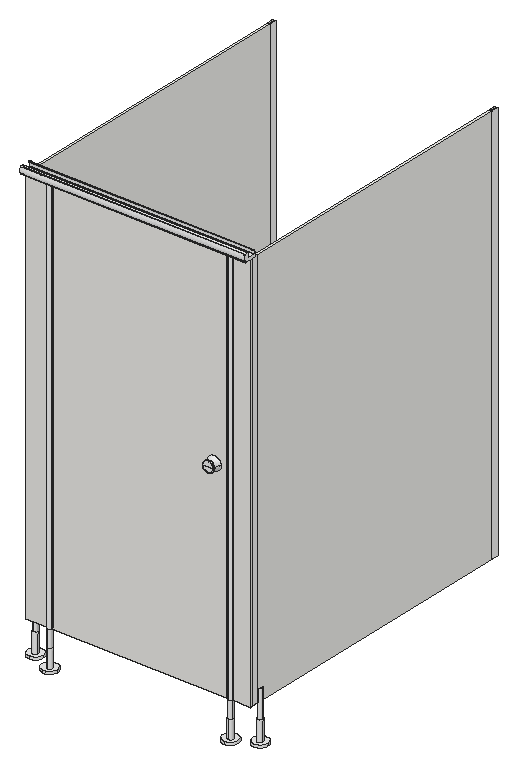
Revit family "Alsanit - Kabiny sanitarne AQUARI - HPL", category Doors, Revit 2020
Family settings
  Work Plane-Based = No
  Always vertical = Yes
  Cut with Voids When Loaded = No
  Shared = No
  Room Calculation Point = No
Parameters (values of type "10mm")
  Width = 0.00 mm  # constant formula
  Type Comments = "Kabiny sanitarne (ścianki giszetowe do WC)"
  Thickness = Grubość ścianki  # 10.00 mm
  Szerokość wewnętrzna modułu (min. 1000) [instance] = 1000.00 mm
  Szerokość wewnętrzna modułu [instance] = [Szerokość wewnętrzna modułu (min. 1000)]  # 1000.00 mm
  Szerokość drzwi (max. 1000 mm) [instance] = 800.00 mm
  Szczelina obok drzwi prawa [instance] = if([Orientacja - odbij lustrzanie], Szczelina Prawa 1, Szczelina Prawa 2)  # 26.00 mm
  Szczelina obok drzwi lewa [instance] = if([Orientacja - odbij lustrzanie], Szczelina lewa 1, Szczelina lewa 2)  # 23.00 mm
  Rough Width = 0.00 mm  # constant formula
  Rough Height = 0.00 mm  # constant formula
  Podcięcie na geberit - prawe [instance] = no
  Podcięcie na geberit - prawa wartość [instance] = if([Podcięcie na geberit - prawe], [Szerokość wewnętrzna modułu (min. 1000)] / 2 + 50.00 mm, 5.00 mm)  # 5.00 mm
  Podcięcie na geberit - odsunięcie poziome wartość [instance] = if([Podcięcie na geberit - odsunięcie poziome] = 0.00 mm, 5.00 mm, [Podcięcie na geberit - odsunięcie poziome])  # 5.00 mm
  Podcięcie na geberit - odsunięcie poziome [instance] = 0.00 mm
  Podcięcie na geberit - odsunięcie pionowe wartość [instance] = if([Podcięcie na geberit - odsunięcie pionowe] = 0.00 mm, 5.00 mm, [Podcięcie na geberit - odsunięcie pionowe])  # 5.00 mm
  Podcięcie na geberit - odsunięcie pionowe [instance] = 0.00 mm
  Podcięcie na geberit - lewe [instance] = no
  Podcięcie na geberit - lewa wartość [instance] = if([Podcięcie na geberit - lewe], [Szerokość wewnętrzna modułu (min. 1000)] / 2 + 50.00 mm, 5.00 mm)  # 5.00 mm
  Odsunięcie ścianki lewe kontrola [instance] = 91.00 mm  # constant formula
  Odległość nóżki prawa [instance] = Szczelina obok drzwi prawa / 2  # 13.00 mm
  Odległość nóżki lewa [instance] = Szczelina obok drzwi lewa / 2  # 11.50 mm
  Nóżka grubość 2 [instance] = 24.00 mm  # constant formula
  Nózka grubość stopka [instance] = 70.00 mm  # constant formula
  Nożka grubość 1 [instance] = 20.00 mm  # constant formula
  Noga prawa widoczność [instance] = ([Połączenie - prawa strona] = Prawa strona zamknięta typ)  # yes
  Noga lewa widoczność [instance] = [Połączenie - lewa strona] = Lewa strona zamknięta typ  # yes
  Krótki opis = "Kabiny sanitarne ALSANIT posiadające oznaczenie CE zgodnie z parametrami systemu"
  Height = 0.00 mm  # constant formula
  Function = Interior
  Film Instruktażowy = "https://youtu.be/qyrI1CfgFO4"
  Define Thermal Properties by = Schematic Type
  Construction Type = "Kabiny sanitarne"
  Szczelina Prawa 2 = 26.00 mm  # constant formula
  Szczelina Prawa 1 = 23.00 mm  # constant formula
  Analytic Construction = "<None>"
  Akcesoria - wzmocnienie pionowe prawe [instance] = [Odsunięcie prawej ścianki od osi (min. 60 mm)] > 399.00 mm  # no
  Akcesoria - wzmocnienie pionowe lewe [instance] = ([Szerokość wewnętrzna modułu (min. 1000)] - [Szerokość drzwi (max. 1000 mm)] - [Odsunięcie prawej ścianki od osi (min. 60 mm)]) > 400.00 mm  # no
  Wysokość ścianki łączącej [instance] = 2000.00 mm  # constant formula
  Szerokość zewnętrzna modułu [instance] = 1026.00 mm
  Szerokość obliczona [instance] = if(and(Lewa strona przy ścianie, Prawa strona przy ścianie), [Szerokość wewnętrzna modułu (min. 1000)] - 2 * (Grubość ścianki + 7.00 mm), if(or(Lewa strona przy ścianie, Prawa strona przy ścianie), [Szerokość wewnętrzna modułu (min. 1000)] - Grubość ścianki - 7.00 mm, [Szerokość wewnętrzna modułu (min. 1000)]))  # 1000.00 mm
  Wysokość modułu [instance] = 2030.00 mm  # constant formula
  URL = "https://www.alsanit.pl/"
  Rodzaj płyt = "HPL - Wysokociśnieniowy laminat kompaktowy"
  Prawe odsunięcie belki dolnej [instance] = if(Prawa strona przy ścianie, 30.00 mm, 0.00 mm)  # 0.00 mm
  Prawa strona niepołączona [instance] = not(Prawa strona połączona)  # yes
  Model = "AQUARI"
  Manufacturer = "Alsanit"
  Lewe odsunięcie belki dolnej [instance] = if(Lewa strona przy ścianie, 30.00 mm, 0.00 mm)  # 0.00 mm
  Lewa strona niepołączona [instance] = not(Lewa strona połączona)  # yes
  Głębokość modułu (min. 1150mm - max. 1500 mm) [instance] = 1400.00 mm
  Głębokość modułu [instance] = if([Głębokość modułu (min. 1150mm - max. 1500 mm)] > 1500.00 mm, 1600.00 mm, [Głębokość modułu (min. 1150mm - max. 1500 mm)])  # 1400.00 mm
  Description = "Kabiny sanitarne to idealna kombinacja trwałości i estetyki w najnowszej cenie. Ze względu na estetyczność zastosowań jest najchętniej kupowanym systemem kabin sanitarnych w Polsce."
  Autor = "www.archispace.pl"
  Orientacja - na zewnątrz [instance] = not([Orientacja - do wewnątrz])  # yes
  Orientacja - do wewnątrz [instance] = no
  Ścianka łącząca [instance] = not(Prawa strona przy ścianie)  # yes
  Szerokość drzwi [instance] = if([Szerokość drzwi (max. 1000 mm)] > 1000.00 mm, 1000.00 mm, [Szerokość drzwi (max. 1000 mm)])  # 800.00 mm
  Prawe odsunięcie osi [instance] = if(Prawa strona zamknięta, Grubość ścianki / 2 + 3.00 mm, if(Prawa strona przy ścianie, Grubość ścianki / 2 + 7.00 mm, 0.00 mm))  # 8.00 mm
  Prawa strona zamknięta typ = Rodzaj połączenia : Zamknięta
  Prawa strona zamknięta [instance] = [Połączenie - prawa strona] = Prawa strona zamknięta typ  # yes
  Prawa strona przy ścianie typ = Rodzaj połączenia : Przy ścianie
  Prawa strona przy ścianie [instance] = [Połączenie - prawa strona] = Prawa strona przy ścianie typ  # no
  Prawa strona połączona typ = Rodzaj połączenia : Połączona
  Prawa strona połączona [instance] = [Połączenie - prawa strona] = Prawa strona połączona typ  # no
  Prawe odsunięcie osi panelu [instance] = if(Prawa strona przy ścianie, 10.00 mm, 0.00 mm)  # 0.00 mm
  Odsunięcie prawej ścianki od osi (min. 60 mm) [instance] = 100.00 mm
  Połączenie - prawa strona [instance] = Rodzaj połączenia : Zamknięta
  Orientacja - odbij lustrzanie [instance] = no
  Materiał płyt = Alsanit - HPL - Biały 9016
  Materiał okuć = Alsanit - Aluminium
  Materiał wsporników = Alsanit - Aluminium
  Materiał belek = Alsanit - Aluminium
  Lewe odsunięcie osi panelu [instance] = if(Lewa strona przy ścianie, 10.00 mm, 0.00 mm)  # 0.00 mm
  Lewe odsunięcie osi [instance] = if(Lewa strona zamknięta, Grubość ścianki / 2 + 3.00 mm, if(Lewa strona przy ścianie, Grubość ścianki / 2 + 7.00 mm, 0.00 mm))  # 8.00 mm
  Lewa strona zamknięta typ = Rodzaj połączenia : Zamknięta
  Lewa strona zamknięta [instance] = [Połączenie - lewa strona] = Lewa strona zamknięta typ  # yes
  Lewa strona przy ścianie typ = Rodzaj połączenia : Przy ścianie
  Lewa strona przy ścianie [instance] = [Połączenie - lewa strona] = Lewa strona przy ścianie typ  # no
  Lewa strona połączona typ = Rodzaj połączenia : Połączona
  Lewa strona połączona [instance] = [Połączenie - lewa strona] = Lewa strona połączona typ  # no
  Odsunięcie lewej ścianki od osi (min. 60 mm) [instance] = 110.00 mm
  Połączenie - lewa strona [instance] = Rodzaj połączenia : Zamknięta
  Grubość ścianki = 10.00 mm
  Default Elevation = 0.00 mm
  Orientacja - bez odbicia [instance] = not([Orientacja - odbij lustrzanie])  # yes
  Szczelina lewa 2 = 23.00 mm  # constant formula
  Szczelina lewa 1 = 26.00 mm  # constant formula
Reference planes
  plane 1 "Center (Front/Back)": y = 0
  plane 2: z = 0
  plane 3 "Center (Left/Right)": x = 0
  plane 4: x = -500
  plane 5: x = 500
  plane 6: x = 505
  plane 7: x = 510
  plane 8: x = -505
  plane 9: x = -510
  plane 10: y = -1400
  plane 11: y = -1410
  plane 12: y = -10
  plane 13: y = -1394
  plane 14: y = -1405
  plane 15 "Lewa oś wstawienia": x = -513
  plane 16 "Prawa oś wstawienia": x = 513
  plane 17: y = -1334.5
  plane 18: x = 431
  plane 19: x = 405
  plane 20: x = -395
  plane 21: x = -418
  plane 22 "Prawe odsunięcie osi panelu": x = 513
  plane 23 "Lewe odsunięcie osi panelu": x = -513
  plane 24: x = 5
  plane 25: z = 170
  plane 26 "Wysokość modułu": z = 2030
  plane 27 "Odsunięcie górne ścianek frontowych": z = 2010
  plane 28: y = -1398.5
  plane 29: x = -513
  plane 30: x = 513
  plane 31: z = 100
  plane 32: z = 225.5
  plane 33: z = 2000
  plane 34: z = 170
  plane 35: x = -513
  plane 36: x = 513
  plane 37: z = 170
  plane 38: z = 2000
  plane 39: z = 2000
  plane 40: z = 2000
  plane 41: z = 2000
  plane 42: z = 2000
  plane 43: z = 2000
  plane 44: x = 606
  plane 45: x = -600
  plane 46: z = 1995
  plane 47: z = 1990
  plane 48: z = 2000
  plane 49: z = 2000
  plane 50: z = 2000
  plane 51: z = 2000
  plane 52: x = -605
  plane 53: x = -595
  plane 54: x = 601
  plane 55: x = 611
  plane 56: x = -5
  plane 57: x = 5
  plane 58: z = 5
  plane 59: y = -5
  plane 60: z = 5
  plane 61: y = -5
  plane 62: y = -1355
  plane 63: z = 10
  plane 64: z = 10
Forms (mm)
  Sweep 1, solid, material "Alsanit - HPL - Biały 9016" <- "Materiał płyt", visible <- "Ścianka łącząca"
    path origin (0, 0, 0) x (1, 0, 0) y (0, 0, 1)
      loop
        line (505, 170) -> (505, 2000)
    profile origin (505, 0, 1085) x (-1, 0, 0) y (0, -1, 0)
      loop
        line (5, 10) -> (5, 1394) -> (-5, 1394) -> (-5, 10) -> (5, 10)
  Sweep 2, solid, material "Alsanit - HPL - Biały 9016" <- "Materiał płyt", visible <- "Lewa strona zamknięta"
    path origin (0, 0, 0) x (-1, 0, 0) y (0, 0, 1)
      loop
        line (505, 170) -> (505, 2000)
    profile origin (-505, 0, 1085) x (-1, 0, 0) y (0, -1, 0)
      loop
        line (-5, 10) -> (5, 10) -> (5, 1394) -> (-5, 1394) -> (-5, 10)
  Sweep 3, solid, material "Alsanit - Aluminium" <- "Materiał belek", visible <- "Ścianka łącząca", detail levels medium+fine
    path origin (0, 0, 0) x (1, 0, 0) y (0, 0, 1)
      loop
        line (505, 2000) -> (505, 170)
    profile "U-profile : U-profile" origin (505, 0, 1085) x (1, 0, 0) y (0, -1, 0)
      loop
        line (6.5, 0) -> (6.5, 30) -> (5, 30) -> (5, 1.5) -> (-5, 1.5) -> (-5, 30) -> (-6.5, 30) -> (-6.5, 0) -> (6.5, 0)
  Sweep 4, solid, material "Alsanit - Aluminium" <- "Materiał belek", visible <- "Lewa strona zamknięta", detail levels medium+fine
    path origin (0, 0, 0) x (-1, 0, 0) y (0, 0, 1)
      loop
        line (505, 2000) -> (505, 170)
    profile "U-profile : U-profile" origin (-505, 0, 1085) x (1, 0, 0) y (0, -1, 0)
      loop
        line (6.5, 0) -> (6.5, 30) -> (5, 30) -> (5, 1.5) -> (-5, 1.5) -> (-5, 30) -> (-6.5, 30) -> (-6.5, 0) -> (6.5, 0)
  Sweep 5, solid, material "Alsanit - Aluminium" <- "Materiał belek", visible <- "Lewa strona zamknięta", detail levels medium+fine
    path origin (673.537, -1400, 1200) x (1, 0, 0) y (0, 0, 1)
      loop
        line (-1178.537, 800) -> (-1178.537, -1030)
    profile "U-profile : U-profile" origin (-505, -1400, 1085) x (1, 0, 0) y (0, -1, 0)
      loop
        line (-6.5, 0) -> (-6.5, -30) -> (-5, -30) -> (-5, -1.5) -> (5, -1.5) -> (5, -30) -> (6.5, -30) -> (6.5, 0) -> (-6.5, 0)
  Sweep 6, solid, material "Alsanit - Aluminium" <- "Materiał belek", visible <- "Ścianka łącząca", detail levels medium+fine
    path origin (673.537, -1400, 1200) x (1, 0, 0) y (0, 0, 1)
      loop
        line (-168.537, 800) -> (-168.537, -1030)
    profile "U-profile : U-profile" origin (505, -1400, 1085) x (1, 0, 0) y (0, -1, 0)
      loop
        line (-6.5, 0) -> (-6.5, -30) -> (-5, -30) -> (-5, -1.5) -> (5, -1.5) -> (5, -30) -> (6.5, -30) -> (6.5, 0) -> (-6.5, 0)
  Extrusion 7, solid, material "Alsanit - HPL - Biały 9016" <- "Materiał płyt", detail levels medium+fine
    sketch origin (0, 0, 0) x (1, 0, 0) y (0, 1, 0)
      loop
        line (-513, -1400) -> (-513, -1410) -> (-418, -1410) -> (-418, -1400) -> (-513, -1400)
    from 170 to 2010
  Extrusion 8, solid, material "Alsanit - HPL - Biały 9016" <- "Materiał płyt", detail levels medium+fine
    sketch origin (0, 0, 0) x (-1, 0, 0) y (0, -1, 0)
      loop
        line (-513, 1400) -> (-431, 1400) -> (-431, 1410) -> (-513, 1410) -> (-513, 1400)
    from 170 to 2010
  Sweep 9, solid, material "Alsanit - Aluminium" <- "Materiał belek", visible <- "Lewa strona przy ścianie", detail levels medium+fine
    path origin (-771.956, -1405, 1200) x (-1, 0, 0) y (0, 0, 1)
      loop
        line (-258.956, -1030) -> (-258.956, 800)
    profile "U-profile : U-profile" origin (-513, -1405, 1085) x (1, 0, 0) y (0, 1, 0)
      loop
        line (0, -6.5) -> (30, -6.5) -> (30, -5) -> (1.5, -5) -> (1.5, 5) -> (30, 5) -> (30, 6.5) -> (0, 6.5) -> (0, -6.5)
  Sweep 10, solid, material "Alsanit - Aluminium" <- "Materiał belek", visible <- "Prawa strona przy ścianie", detail levels medium+fine
    path origin (771.956, -1405, 1200) x (1, 0, 0) y (0, 0, -1)
      loop
        line (-258.956, 1030) -> (-258.956, -800)
    profile "U-profile : U-profile" origin (513, -1405, 1085) x (1, 0, 0) y (0, 1, 0)
      loop
        line (0, 6.5) -> (-30, 6.5) -> (-30, 5) -> (-1.5, 5) -> (-1.5, -5) -> (-30, -5) -> (-30, -6.5) -> (0, -6.5) -> (0, 6.5)
  Extrusion 11, solid, material "Alsanit - HPL - Biały 9016" <- "Materiał płyt", detail levels coarse
    sketch origin (0, 0, 0) x (1, 0, 0) y (0, 1, 0)
      loop
        line (-513, -1400) -> (-513, -1410) -> (513, -1410) -> (513, -1400) -> (-513, -1400)
    from 170 to 2030
  Sweep 12, solid, material "Alsanit - Aluminium" <- "Materiał belek", not visible, detail levels medium+fine
    path origin (-998.294, -1524, 2030) x (-1, 0, 0) y (0, -1, 0)
      loop
        line (-493.294, -1524) -> (-493.294, -125.5)
    profile "U-profile : U-profile" origin (-505, -699.25, 2030) x (1, 0, 0) y (0, 0, 1)
      loop
        line (-6.5, 0) -> (-6.5, -30) -> (-5, -30) -> (-5, -1.5) -> (5, -1.5) -> (5, -30) -> (6.5, -30) -> (6.5, 0) -> (-6.5, 0)
  Sweep 13, solid, material "Alsanit - Aluminium" <- "Materiał belek", not visible, detail levels medium+fine
    path origin (-998.294, -1524, 2030) x (-1, 0, 0) y (0, -1, 0)
      loop
        line (-1503.294, -1524) -> (-1503.294, -125.5)
    profile "U-profile : U-profile" origin (505, -699.25, 2030) x (1, 0, 0) y (0, 0, 1)
      loop
        line (-6.5, 0) -> (-6.5, -30) -> (-5, -30) -> (-5, -1.5) -> (5, -1.5) -> (5, -30) -> (6.5, -30) -> (6.5, 0) -> (-6.5, 0)
  Sweep 14, solid, material "Alsanit - Aluminium" <- "Materiał belek", not visible, detail levels medium+fine
    path origin (-771.956, -1405, 4200) x (-1, 0, 0) y (0, 0, 1)
      loop
        line (-258.956, -2170) -> (-1284.956, -2170)
    profile "U-profile : U-profile" origin (0, -1405, 2030) x (0, 0, -1) y (0, 1, 0)
      loop
        line (0, -6.5) -> (30, -6.5) -> (30, -5) -> (1.5, -5) -> (1.5, 5) -> (30, 5) -> (30, 6.5) -> (0, 6.5) -> (0, -6.5)
  Sweep 15, solid, material "Alsanit - Aluminium" <- "Materiał belek", not visible, detail levels medium+fine
    path origin (-771.956, -1405, 1200) x (-1, 0, 0) y (0, 0, 1)
      loop
        line (-258.956, 830) -> (-1284.956, 830)
    profile "U-profile : U-profile" origin (0, -1405, 2030) x (0, 0, -1) y (0, 1, 0)
      loop
        line (0, -6.5) -> (30, -6.5) -> (30, -5) -> (1.5, -5) -> (1.5, 5) -> (30, 5) -> (30, 6.5) -> (0, 6.5) -> (0, -6.5)
  Sweep 16, solid, material "Alsanit - HPL - Biały 9016" <- "Materiał płyt", visible <- "Akcesoria - wzmocnienie pionowe prawe", detail levels medium+fine
    path origin (-771.956, -1405, 1200) x (-1, 0, 0) y (0, 0, 1)
      loop
        line (-1377.956, -1030) -> (-1377.956, 800)
    profile origin (606, -1405, 1085) x (1, 0, 0) y (0, 1, 0)
      loop
        line (-5, 11) -> (5, 11) -> (5, 106) -> (-5, 106) -> (-5, 11)
  Sweep 17, solid, material "Alsanit - Aluminium" <- "Materiał belek", visible <- "Akcesoria - wzmocnienie pionowe prawe", detail levels medium+fine
    path origin (673.537, -1400, 1200) x (1, 0, 0) y (0, 0, 1)
      loop
        line (-67.537, -1030) -> (-67.537, 800)
    profile "U-profile : U-profile" origin (606, -1400, 1085) x (-1, 0, 0) y (0, -1, 0)
      loop
        line (-6.5, 0) -> (-6.5, -30) -> (-5, -30) -> (-5, -1.5) -> (5, -1.5) -> (5, -30) -> (6.5, -30) -> (6.5, 0) -> (-6.5, 0)
  Sweep 18, solid, material "Alsanit - HPL - Biały 9016" <- "Materiał płyt", visible <- "Akcesoria - wzmocnienie pionowe lewe", detail levels medium+fine
    path origin (1162.956, -1405, 1200) x (1, 0, 0) y (0, 0, -1)
      loop
        line (-1762.956, 1030) -> (-1762.956, -800)
    profile origin (-600, -1405, 1085) x (1, 0, 0) y (0, 1, 0)
      loop
        line (5, 11) -> (5, 106) -> (-5, 106) -> (-5, 11) -> (5, 11)
  Sweep 19, solid, material "Alsanit - Aluminium" <- "Materiał belek", visible <- "Akcesoria - wzmocnienie pionowe lewe", detail levels medium+fine
    path origin (673.537, -1400, 1200) x (1, 0, 0) y (0, 0, 1)
      loop
        line (-1273.537, -1030) -> (-1273.537, 800)
    profile "U-profile : U-profile" origin (-600, -1400, 1085) x (-1, 0, 0) y (0, -1, 0)
      loop
        line (6.5, 0) -> (-6.5, 0) -> (-6.5, -30) -> (-5, -30) -> (-5, -1.5) -> (5, -1.5) -> (5, -30) -> (6.5, -30) -> (6.5, 0)
  Sweep 20, solid, material "Alsanit - Aluminium" <- "Materiał belek", detail levels medium+fine
    path origin (0, -160, 0) x (1, 0, 0) y (0, 1, 0)
      loop
        line (-513, -1245) -> (513, -1245)
    profile origin (0, -1405, 0) x (0, 1, 0) y (0, 0, 1)
      loop
        line (-5, 2000) -> (-5, 2010.006) -> (5, 2010.006) -> (5, 2000) -> (14.963, 2000)
        arc (14.963, 2000) -> (16.541, 2000.771) -> (16.903, 2002.49) r 2
        arc (16.903, 2002.49) -> (18.764, 2017.037) -> (16.301, 2031.495) r 49.722
        arc (16.301, 2031.495) -> (15.681, 2031.874) -> (14.965, 2032.006) r 2
        line (14.965, 2032.006) -> (14.002, 2032.006) -> (14.002, 2030.606) -> (15.303, 2030.606)
        arc (15.303, 2030.606) -> (17.251, 2021.408) -> (17.387, 2012.006) r 48.5
        line (17.387, 2012.006) -> (-19.028, 2012.006) -> (-19.028, 2032.006) -> (-31.863, 2032.006)
        arc (-31.863, 2032.006) -> (-33.103, 2031.576) -> (-33.809, 2030.47) r 2
        arc (-33.809, 2030.47) -> (-35.944, 2016.003) -> (-33.807, 2001.537) r 50.053
        arc (-33.807, 2001.537) -> (-33.101, 2000.431) -> (-31.861, 2000) r 2
        line (-31.861, 2000) -> (-5, 2000)
  Sweep 21, solid, material "Alsanit - HPL - Biały 9016" <- "Materiał płyt", not visible
    path origin (0, 0, 0) x (1, 0, 0) y (0, 1, 0)
      loop
        line (-395, -1405) -> (405, -1405)
    profile origin (5, -1405, 0) x (0, 1, 0) y (0, 0, 1)
      loop
        line (5, 2010) -> (-5, 2010) -> (-5, 1995) -> (5, 1995) -> (5, 2010)
  Sweep 22, void
    path origin (0, 0, 0) x (1, 0, 0) y (0, 1, 0)
      loop
        line (0, 0) -> (-5, 0)
    profile origin (-2.5, 0, 0) x (0, -1, 0) y (0, 0, 1)
      loop
        line (0, 5) -> (0, 0) -> (5, 0) -> (5, 5) -> (0, 5)
  Sweep 23, void
    path origin (0, 0, 0) x (-1, 0, 0) y (0, -1, 0)
      loop
        line (0, 0) -> (-5, 0)
    profile origin (2.5, 0, 0) x (0, 1, 0) y (0, 0, 1)
      loop
        line (0, 5) -> (-5, 5) -> (-5, 0) -> (0, 0) -> (0, 5)
  Sweep 24, solid, material "Alsanit - Aluminium" <- "Materiał wsporników", visible <- "Lewa strona zamknięta"
    path origin (-771.956, -1405, 1200) x (-1, 0, 0) y (0, 0, 1)
      loop
        line (-266.956, -974.5) -> (-266.956, -1100)
    profile origin (-505, -1405, 162.75) x (0, 1, 0) y (-1, 0, 0)
      loop
        circle (50, 6) r 10
  Sweep 25, solid, material "Alsanit - Aluminium" <- "Materiał wsporników", visible <- "Lewa strona zamknięta"
    path origin (-771.956, -1405, 1200) x (-1, 0, 0) y (0, 0, 1)
      loop
        line (-266.956, -1190) -> (-266.956, -1100)
    profile origin (-505, -1405, 55) x (1, 0, 0) y (0, 1, 0)
      loop
        circle (-6, 50) r 12
  Sweep 26, solid, material "Alsanit - Aluminium" <- "Materiał wsporników", visible <- "Lewa strona zamknięta"
    path origin (-771.956, -1405, 1200) x (-1, 0, 0) y (0, 0, 1)
      loop
        line (-266.956, -1200) -> (-266.956, -1190)
    profile origin (-505, -1405, 5) x (1, 0, 0) y (0, 1, 0)
      loop
        circle (-6, 50) r 35
  Sweep 27, solid, material "Alsanit - Aluminium" <- "Materiał wsporników", visible <- "Prawa strona zamknięta"
    path origin (-771.956, -1405, 1200) x (-1, 0, 0) y (0, 0, 1)
      loop
        line (-1276.956, -1100) -> (-1276.956, -974.5)
    profile origin (505, -1405, 162.75) x (1, 0, 0) y (0, 1, 0)
      loop
        circle (8, 50) r 10
  Sweep 28, solid, material "Alsanit - Aluminium" <- "Materiał wsporników", visible <- "Prawa strona zamknięta"
    path origin (-771.956, -1405, 1200) x (-1, 0, 0) y (0, 0, 1)
      loop
        line (-1276.956, -1190) -> (-1276.956, -1100)
    profile origin (505, -1405, 55) x (1, 0, 0) y (0, 1, 0)
      loop
        circle (8, 50) r 12
  Sweep 29, solid, material "Alsanit - Aluminium" <- "Materiał wsporników", visible <- "Prawa strona zamknięta"
    path origin (-771.956, -1405, 1200) x (-1, 0, 0) y (0, 0, 1)
      loop
        line (-1276.956, -1200) -> (-1276.956, -1190)
    profile origin (505, -1405, 5) x (1, 0, 0) y (0, 1, 0)
      loop
        circle (8, 50) r 35
  Sweep 30, solid, material "Alsanit - Aluminium" <- "Materiał wsporników", visible <- "Akcesoria - wzmocnienie pionowe prawe"
    path origin (-771.956, -1405, 1200) x (-1, 0, 0) y (0, 0, 1)
      loop
        line (-1377.956, -1100) -> (-1377.956, -1030)
    profile origin (606, -1405, 135) x (1, 0, 0) y (0, 1, 0)
      loop
        circle (0, 50) r 10
  Sweep 31, solid, material "Alsanit - Aluminium" <- "Materiał wsporników", visible <- "Akcesoria - wzmocnienie pionowe prawe"
    path origin (-771.956, -1405, 1200) x (-1, 0, 0) y (0, 0, 1)
      loop
        line (-1377.956, -1100) -> (-1377.956, -1190)
    profile origin (606, -1405, 55) x (0, 1, 0) y (-1, 0, 0)
      loop
        circle (50, 0) r 12
  Sweep 32, solid, material "Alsanit - Aluminium" <- "Materiał wsporników", visible <- "Akcesoria - wzmocnienie pionowe prawe"
    path origin (-771.956, -1405, 1200) x (-1, 0, 0) y (0, 0, 1)
      loop
        line (-1377.956, -1200) -> (-1377.956, -1190)
    profile origin (606, -1405, 5) x (1, 0, 0) y (0, 1, 0)
      loop
        circle (0, 50) r 35
  Sweep 33, solid, material "Alsanit - Aluminium" <- "Materiał wsporników", visible <- "Akcesoria - wzmocnienie pionowe lewe"
    path origin (-771.956, -1405, 1200) x (-1, 0, 0) y (0, 0, 1)
      loop
        line (-171.956, -1100) -> (-171.956, -1030)
    profile origin (-600, -1405, 135) x (1, 0, 0) y (0, 1, 0)
      loop
        circle (0, 50) r 10
  Sweep 34, solid, material "Alsanit - Aluminium" <- "Materiał wsporników", visible <- "Akcesoria - wzmocnienie pionowe lewe"
    path origin (-771.956, -1405, 1200) x (-1, 0, 0) y (0, 0, 1)
      loop
        line (-171.956, -1190) -> (-171.956, -1100)
    profile origin (-600, -1405, 55) x (1, 0, 0) y (0, 1, 0)
      loop
        circle (0, 50) r 12
  Sweep 35, solid, material "Alsanit - Aluminium" <- "Materiał wsporników", visible <- "Akcesoria - wzmocnienie pionowe lewe"
    path origin (-771.956, -1405, 1200) x (-1, 0, 0) y (0, 0, 1)
      loop
        line (-171.956, -1200) -> (-171.956, -1190)
    profile origin (-600, -1405, 5) x (1, 0, 0) y (0, 1, 0)
      loop
        circle (0, 50) r 35
Cuts and joins
  Sweep 22 cuts Sweep 4
  Sweep 22 cuts Sweep 2
  Sweep 23 cuts Sweep 1
  Sweep 23 cuts Sweep 3
  joined: Sweep 24, Sweep 25, Sweep 26
  joined: Sweep 27, Sweep 28, Sweep 29
  joined: Sweep 30, Sweep 31, Sweep 32
  joined: Sweep 33, Sweep 34, Sweep 35
Lines and regions (mm)
  model lines, style "Doors", detail levels medium+fine
    curve 1: line (431, -1410, 2010) -> (431, -1410, 170)
    curve 3: line (513, -1410, 2010) -> (431, -1410, 2010)
    curve 6: line (-418, -1410, 170) -> (-418, -1410, 2010)
    curve 7: line (-418, -1410, 2010) -> (-513, -1410, 2010)
    curve 10: line (-418, -1400, 170) -> (-418, -1410, 170)
    curve 11: line (431, -1400, 170) -> (431, -1410, 170)
    curve 14: line (-418, -1400, 2010) -> (-418, -1410, 2010)
    curve 15: line (431, -1400, 2010) -> (431, -1410, 2010)
    curve 17: line (431, -1400, 2010) -> (431, -1400, 170)
    curve 19: line (513, -1400, 2010) -> (431, -1400, 2010)
    curve 20: line (431, -1400, 170) -> (513, -1400, 170)
    curve 22: line (-418, -1400, 170) -> (-418, -1400, 2010)
    curve 23: line (-418, -1400, 2010) -> (-513, -1400, 2010)
    curve 24: line (-513, -1400, 170) -> (-418, -1400, 170)
  model lines, style "Doors", visible <- "Prawa strona niepołączona", detail levels medium+fine
    curve 2: line (513, -1410, 170) -> (513, -1410, 2010)
    curve 12: line (513, -1400, 170) -> (513, -1410, 170)
    curve 16: line (513, -1400, 2010) -> (513, -1410, 2010)
    curve 18: line (513, -1400, 170) -> (513, -1400, 2010)
  model lines, style "Doors"
    curve 4: line (431, -1410, 170) -> (513, -1410, 170)
    curve 8: line (-513, -1410, 170) -> (-418, -1410, 170)
  model lines, style "Doors", visible <- "Lewa strona niepołączona", detail levels medium+fine
    curve 5: line (-513, -1410, 2010) -> (-513, -1410, 170)
    curve 9: line (-513, -1400, 170) -> (-513, -1410, 170)
    curve 13: line (-513, -1400, 2010) -> (-513, -1410, 2010)
    curve 21: line (-513, -1400, 2010) -> (-513, -1400, 170)
Dimensions and locks
  equal spacing: plane 5, plane 6, plane 7
  "Grubość ścianki": plane 5 to plane 7
  equal spacing: plane 9, plane 8, plane 4
  "Grubość ścianki": plane 9 to plane 4
  "Głębokość modułu": plane 10 to plane 1 "Center (Front/Back)"
  "Grubość ścianki": plane 11 to plane 10
  locked: plane 12 to plane 1 "Center (Front/Back)" at 10
  locked: plane 10 to plane 13 at 6
  equal spacing: plane 10, plane 14, plane 11
  equal spacing: plane 4, plane 3 "Center (Left/Right)", plane 5
  "Szerokość obliczona": plane 4 to plane 5
  "Lewe odsunięcie osi": plane 15 "Lewa oś wstawienia" to plane 8
  "Prawe odsunięcie osi": plane 6 to plane 16 "Prawa oś wstawienia"
  locked: plane 10 to plane 17 at 65.5
  "Szerokość drzwi": plane 20 to plane 19
  equal spacing: plane 20, plane 24, plane 19
  "Wysokość modułu": plane 26 "Wysokość modułu" to plane 2
  locked: plane 10 to plane 28 at 1.5
  plane 25 to level = 170.00 mm
  locked: plane 31 to plane 2 at 100
  plane 15 "Lewa oś wstawienia" to plane 29 = 0.00 mm
  plane 30 to plane 16 "Prawa oś wstawienia" = 0.00 mm
  locked: plane 32 to plane 25 at 55.5
  locked: plane 26 "Wysokość modułu" to plane 33 at 30
  "Lewe odsunięcie osi panelu": plane 15 "Lewa oś wstawienia" to plane 23 "Lewe odsunięcie osi panelu"
  "Prawe odsunięcie osi panelu": plane 22 "Prawe odsunięcie osi panelu" to plane 16 "Prawa oś wstawienia"
  plane 34 to plane 25 = 0.00 mm
  "Lewe odsunięcie belki dolnej": plane 15 "Lewa oś wstawienia" to plane 35
  "Prawe odsunięcie belki dolnej": plane 36 to plane 16 "Prawa oś wstawienia"
  plane 37 to plane 2 = 170.00 mm
  "Wysokość ścianki łączącej": plane 38 to level
  plane 26 "Wysokość modułu" to plane 39 = 30.00 mm
  plane 26 "Wysokość modułu" to plane 40 = 30.00 mm
  plane 26 "Wysokość modułu" to plane 27 "Odsunięcie górne ścianek frontowych" = 20.00 mm
  plane 38 to plane 41 = 0.00 mm
  plane 38 to plane 42 = 0.00 mm
  plane 26 "Wysokość modułu" to plane 43 = 30.00 mm
  "Szerokość zewnętrzna modułu": plane 15 "Lewa oś wstawienia" to plane 16 "Prawa oś wstawienia"
  plane 47 to level = 1990.00 mm
  locked: plane 46 to plane 47 at 5
  locked: plane 48 to plane 2 at 2000
  locked: plane 50 to level at 2000
  locked: plane 51 to level at 2000
  equal spacing: plane 52, plane 45, plane 53
  "Grubość ścianki": plane 52 to plane 53
  equal spacing: plane 54, plane 44, plane 55
  "Grubość ścianki": plane 54 to plane 55
  "Podcięcie na geberit - lewa wartość": plane 56 to plane 3 "Center (Left/Right)"
  "Podcięcie na geberit - prawa wartość": plane 3 "Center (Left/Right)" to plane 57
  "Podcięcie na geberit - odsunięcie poziome wartość": plane 1 "Center (Front/Back)" to plane 59
  "Podcięcie na geberit - odsunięcie pionowe wartość": plane 58 to level
  "Podcięcie na geberit - odsunięcie pionowe wartość": plane 60 to level
  "Podcięcie na geberit - odsunięcie poziome wartość": plane 1 "Center (Front/Back)" to plane 61
  locked: plane 10 to plane 62 at 45
  equal spacing: Sweep 24 sketch curve, plane 62, Sweep 24 sketch curve
  Sweep 24 sketch curve to plane 4 = 1.00 mm
  equal spacing: Sweep 25 sketch curve, plane 62, Sweep 25 sketch curve
  plane 4 to Sweep 25 sketch curve = 1.00 mm
  equal spacing: Sweep 26 sketch curve, plane 62, Sweep 26 sketch curve
  Sweep 12 to Sweep 26 sketch curve = 22.50 mm
  equal spacing: Sweep 27 sketch curve, plane 62, Sweep 27 sketch curve
  locked: plane 6 to Sweep 27 sketch curve at 18
  equal spacing: Sweep 28 sketch curve, plane 62, Sweep 28 sketch curve
  locked: plane 6 to Sweep 28 sketch curve at 20
  equal spacing: Sweep 29 sketch curve, plane 62, Sweep 29 sketch curve
  locked: plane 6 to Sweep 29 sketch curve at 43
  "Szczelina obok drzwi lewa": plane 21 to plane 20
  "Szczelina obok drzwi prawa": plane 19 to plane 18
  "Odsunięcie prawej ścianki od osi (min. 60 mm)": plane 19 to plane 6
  plane 20 to plane 8 = 110.00 mm
  locked: plane 19 to plane 44 at 201
  locked: plane 45 to plane 20 at 205
  "Odsunięcie lewej ścianki od osi (min. 60 mm)": plane 8 to plane 20
  equal spacing: Sweep 30 sketch curve, plane 44, Sweep 30 sketch curve
  equal spacing: Sweep 30 sketch curve, plane 62, Sweep 30 sketch curve
  equal spacing: Sweep 31 sketch curve, plane 44, Sweep 31 sketch curve
  equal spacing: Sweep 31 sketch curve, plane 62, Sweep 31 sketch curve
  equal spacing: Sweep 32 sketch curve, plane 62, Sweep 32 sketch curve
  equal spacing: Sweep 32 sketch curve, plane 44, Sweep 32 sketch curve
  equal spacing: Sweep 33 sketch curve, plane 62, Sweep 33 sketch curve
  equal spacing: Sweep 33 sketch curve, plane 45, Sweep 33 sketch curve
  equal spacing: Sweep 34 sketch curve, plane 62, Sweep 34 sketch curve
  equal spacing: Sweep 34 sketch curve, plane 45, Sweep 34 sketch curve
  equal spacing: Sweep 35 sketch curve, plane 45, Sweep 35 sketch curve
  equal spacing: Sweep 35 sketch curve, plane 62, Sweep 35 sketch curve
  "Nożka grubość 1": diameter of Sweep 24 sketch curve
  "Nóżka grubość 2": diameter of Sweep 25 sketch curve
  "Nózka grubość stopka": diameter of Sweep 26 sketch curve
  "Nożka grubość 1": diameter of Sweep 30 sketch curve
  "Nóżka grubość 2": diameter of Sweep 31 sketch curve
  "Nózka grubość stopka": diameter of Sweep 32 sketch curve
  "Nożka grubość 1": diameter of Sweep 33 sketch curve
  "Nóżka grubość 2": diameter of Sweep 34 sketch curve
  "Nózka grubość stopka": diameter of Sweep 35 sketch curve
  aligned and locked: level to plane 2
  aligned and locked: plane 5 to Sweep 1 sketch curve
  aligned and locked: Sweep 1 sketch curve to plane 7
  aligned and locked: Sweep 1 sketch curve to plane 13
  aligned and locked: plane 12 to Sweep 1 sketch curve
  aligned and locked: Sweep 2 sketch curve to plane 12
  aligned and locked: plane 9 to Sweep 2 sketch curve
  aligned and locked: plane 4 to Sweep 2 sketch curve
  aligned and locked: plane 13 to Sweep 2 sketch curve
  aligned and locked: plane 6 to Sweep 3 sketch curve
  aligned and locked: Sweep 4 sketch curve to plane 8
  aligned and locked: Sweep 1 sketch curve to plane 6
  aligned and locked: plane 8 to Sweep 2 sketch curve
  aligned and locked: Extrusion 7 sketch curve to plane 21
  aligned and locked: plane 11 to Extrusion 7 sketch curve
  aligned and locked: plane 10 to Extrusion 7 sketch curve
  aligned and locked: Extrusion 7 sketch curve to plane 23 "Lewe odsunięcie osi panelu"
  aligned and locked: Extrusion 8 sketch curve to plane 11
  aligned and locked: Extrusion 8 sketch curve to plane 10
  aligned and locked: plane 22 "Prawe odsunięcie osi panelu" to Extrusion 8 sketch curve
  aligned and locked: plane 10 to nested 1
  aligned and locked: nested 2 to nested 1
  aligned and locked: nested 2 to plane 10
  aligned and locked: nested 2 to level
  aligned and locked: level to nested 1
  aligned and locked: plane 10 to Extrusion 11 sketch curve
  aligned and locked: plane 11 to Extrusion 11 sketch curve
  aligned and locked: plane 15 "Lewa oś wstawienia" to Extrusion 11 sketch curve
  aligned and locked: Extrusion 11 sketch curve to plane 16 "Prawa oś wstawienia"
  aligned and locked: Extrusion 7 to plane 25
  aligned and locked: Extrusion 8 to plane 25
  aligned and locked: curve 4 to plane 25
  aligned and locked: plane 25 to curve 2
  aligned and locked: plane 22 "Prawe odsunięcie osi panelu" to curve 2
  aligned and locked: plane 22 "Prawe odsunięcie osi panelu" to curve 3
  aligned and locked: curve 8 to plane 25
  aligned and locked: plane 23 "Lewe odsunięcie osi panelu" to curve 5
  aligned and locked: plane 21 to curve 6
  aligned and locked: plane 11 to curve 9
  aligned and locked: plane 10 to curve 9
  aligned and locked: curve 10 to plane 21
  aligned and locked: plane 11 to curve 10
  aligned and locked: plane 10 to curve 10
  aligned and locked: curve 11 to plane 18
  aligned and locked: plane 10 to curve 11
  aligned and locked: plane 11 to curve 11
  aligned and locked: plane 10 to curve 12
  aligned and locked: plane 11 to curve 12
  aligned and locked: curve 12 to plane 22 "Prawe odsunięcie osi panelu"
  aligned and locked: plane 10 to curve 13
  aligned and locked: plane 11 to curve 13
  aligned and locked: plane 11 to curve 14
  aligned and locked: plane 10 to curve 14
  aligned and locked: curve 14 to plane 21
  aligned and locked: plane 11 to curve 15
  aligned and locked: plane 10 to curve 15
  aligned and locked: curve 15 to plane 18
  aligned and locked: plane 10 to curve 16
  aligned and locked: plane 11 to curve 16
  aligned and locked: curve 16 to plane 22 "Prawe odsunięcie osi panelu"
  aligned and locked: plane 23 "Lewe odsunięcie osi panelu" to curve 13
  aligned and locked: plane 23 "Lewe odsunięcie osi panelu" to curve 9
  aligned and locked: Extrusion 11 to plane 26 "Wysokość modułu"
  aligned and locked: plane 16 "Prawa oś wstawienia" to Sweep 10 sketch curve
  aligned and locked: plane 15 "Lewa oś wstawienia" to Sweep 9 sketch curve
  aligned and locked: plane 6 to Sweep 6 sketch curve
  aligned and locked: Extrusion 7 to plane 27 "Odsunięcie górne ścianek frontowych"
  aligned and locked: Extrusion 8 to plane 27 "Odsunięcie górne ścianek frontowych"
  aligned and locked: curve 23 to plane 27 "Odsunięcie górne ścianek frontowych"
  aligned and locked: curve 7 to plane 27 "Odsunięcie górne ścianek frontowych"
  aligned and locked: curve 3 to plane 27 "Odsunięcie górne ścianek frontowych"
  aligned and locked: curve 19 to plane 27 "Odsunięcie górne ścianek frontowych"
  aligned and locked: plane 25 to Sweep 1 sketch curve
  aligned and locked: plane 25 to Sweep 2 sketch curve
  aligned and locked: plane 1 "Center (Front/Back)" to Sweep 12 sketch curve
  aligned and locked: Sweep 12 sketch curve to plane 8
  aligned and locked: plane 6 to Sweep 13 sketch curve
  aligned and locked: plane 1 "Center (Front/Back)" to Sweep 13 sketch curve
  aligned and locked: Sweep 14 sketch curve to plane 26 "Wysokość modułu"
  aligned and locked: plane 15 "Lewa oś wstawienia" to Sweep 14 sketch curve
  aligned and locked: plane 16 "Prawa oś wstawienia" to Sweep 14 sketch curve
  aligned and locked: plane 28 to Sweep 12 sketch curve
  aligned and locked: plane 28 to Sweep 13 sketch curve
  aligned and locked: Extrusion 11 to plane 25
  aligned and locked: Sweep 15 sketch curve to plane 26 "Wysokość modułu"
  aligned and locked: plane 16 "Prawa oś wstawienia" to Sweep 15 sketch curve
  aligned and locked: plane 15 "Lewa oś wstawienia" to Sweep 15 sketch curve
  aligned and locked: plane 23 "Lewe odsunięcie osi panelu" to curve 21
  aligned and locked: plane 22 "Prawe odsunięcie osi panelu" to curve 18
  aligned and locked: plane 34 to Sweep 5 sketch curve
  aligned and locked: plane 34 to Sweep 4 sketch curve
  aligned and locked: plane 34 to Sweep 3 sketch curve
  aligned and locked: plane 34 to Sweep 6 sketch curve
  aligned and locked: plane 37 to Sweep 9 sketch curve
  aligned and locked: Sweep 10 sketch curve to plane 37
  aligned and locked: plane 38 to Sweep 1 sketch curve
  aligned and locked: plane 39 to Sweep 9 sketch curve
  aligned and locked: plane 41 to Sweep 6 sketch curve
  aligned and locked: plane 42 to Sweep 3 sketch curve
  aligned and locked: plane 43 to Sweep 10 sketch curve
  aligned and locked: Sweep 16 sketch curve to plane 44
  aligned and locked: plane 45 to Sweep 18 sketch curve
  aligned and locked: plane 45 to Sweep 19 sketch curve
  aligned and locked: plane 16 "Prawa oś wstawienia" to Sweep 20 sketch curve
  aligned and locked: plane 15 "Lewa oś wstawienia" to Sweep 20 sketch curve
  aligned and locked: Sweep 20 sketch curve to plane 14
  aligned and locked: plane 20 to Sweep 21 sketch curve
  aligned and locked: plane 19 to Sweep 21 sketch curve
  aligned and locked: Sweep 21 sketch curve to plane 14
  aligned and locked: Sweep 21 sketch curve to curve 13
  aligned and locked: plane 11 to Sweep 21 sketch curve
  aligned and locked: plane 10 to Sweep 21 sketch curve
  aligned and locked: plane 46 to Sweep 21 sketch curve
  aligned and locked: plane 48 to Sweep 19 sketch curve
  aligned and locked: plane 50 to Sweep 17 sketch curve
  aligned and locked: plane 51 to Sweep 16 sketch curve
  aligned and locked: Sweep 18 sketch curve to plane 13
  aligned and locked: plane 13 to Sweep 16 sketch curve
  aligned and locked: plane 56 to Sweep 22 sketch curve
  aligned and locked: plane 3 "Center (Left/Right)" to Sweep 22 sketch curve
  aligned and locked: Sweep 22 sketch curve to plane 1 "Center (Front/Back)"
  aligned and locked: Sweep 22 sketch curve to plane 58
  aligned and locked: Sweep 22 sketch curve to plane 59
  aligned and locked: level to Sweep 22 sketch curve
  aligned and locked: plane 1 "Center (Front/Back)" to Sweep 22 sketch curve
  aligned and locked: Sweep 23 sketch curve to plane 60
  aligned and locked: plane 61 to Sweep 23 sketch curve
  aligned and locked: plane 3 "Center (Left/Right)" to Sweep 23 sketch curve
  aligned and locked: plane 57 to Sweep 23 sketch curve
  aligned and locked: plane 1 "Center (Front/Back)" to Sweep 23 sketch curve  (x2)
  aligned and locked: level to Sweep 23 sketch curve
  aligned and locked: plane 32 to Sweep 24 sketch curve
  aligned and locked: plane 31 to Sweep 24 sketch curve
  aligned and locked: plane 31 to Sweep 25 sketch curve
  aligned and locked: plane 63 to Sweep 25 sketch curve
  aligned and locked: plane 64 to Sweep 26 sketch curve
  aligned and locked: level to Sweep 26 sketch curve
  aligned and locked: plane 32 to Sweep 27 sketch curve
  aligned and locked: plane 31 to Sweep 27 sketch curve
  aligned and locked: plane 31 to Sweep 28 sketch curve
  aligned and locked: plane 64 to Sweep 28 sketch curve
  aligned and locked: plane 64 to Sweep 29 sketch curve
  aligned and locked: level to Sweep 29 sketch curve
  aligned and locked: plane 37 to Sweep 18 sketch curve
  aligned and locked: plane 38 to Sweep 2 sketch curve
  aligned and locked: plane 38 to Sweep 4 sketch curve
  aligned and locked: plane 38 to Sweep 5 sketch curve
  aligned and locked: plane 49 to Sweep 18 sketch curve
  aligned and locked: Sweep 20 sketch curve to nested 1
  aligned and locked: nested 1 to Sweep 20 sketch curve
  aligned and locked: Extrusion 8 to plane 18
  aligned and locked: curve 1 to plane 18
  aligned and locked: curve 17 to plane 18
  aligned and locked: nested 1 to plane 24
  aligned and locked: plane 34 to Sweep 30 sketch curve
  aligned and locked: plane 31 to Sweep 30 sketch curve
  aligned and locked: Sweep 30 sketch curve to plane 44
  aligned and locked: plane 31 to Sweep 31 sketch curve
  aligned and locked: plane 64 to Sweep 31 sketch curve
  aligned and locked: plane 44 to Sweep 31 sketch curve
  aligned and locked: plane 64 to Sweep 32 sketch curve
  aligned and locked: level to Sweep 32 sketch curve
  aligned and locked: Sweep 32 sketch curve to plane 44
  aligned and locked: plane 37 to Sweep 33 sketch curve
  aligned and locked: plane 31 to Sweep 33 sketch curve
  aligned and locked: plane 45 to Sweep 33 sketch curve
  aligned and locked: plane 31 to Sweep 34 sketch curve
  aligned and locked: plane 64 to Sweep 34 sketch curve
  aligned and locked: plane 45 to Sweep 34 sketch curve
  aligned and locked: level to Sweep 35 sketch curve
  aligned and locked: plane 64 to Sweep 35 sketch curve
  aligned and locked: plane 45 to Sweep 35 sketch curve
Automatic sketch dimensions
  curve 22 to plane 21 = 0.00 mm
  curve 24 to plane 25 = 0.00 mm
  curve 17 to plane 25 = 0.00 mm
  Sweep 5 sketch curve to plane 8 = 0.00 mm
  Sweep 16 sketch curve to plane 25 = 0.00 mm
  plane 44 to Sweep 17 sketch curve = 0.00 mm
  Sweep 17 sketch curve to plane 25 = 0.00 mm
  Sweep 19 sketch curve to plane 25 = 0.00 mm
  Sweep 20 sketch curve to Sweep 20 sketch curve = 0.00 mm  (x3)
  profile plane to Sweep 20 sketch curve = 19.028 mm
  Sweep 20 sketch curve to Sweep 20 sketch curve = 11.92 mm
  Sweep 20 sketch curve to Sweep 20 sketch curve = 0.914 mm
  Sweep 20 sketch curve to Sweep 20 sketch curve = 12.835 mm
  Sweep 20 sketch curve to profile plane = 14.002 mm
  Sweep 20 sketch curve to Sweep 20 sketch curve = 9.11 mm
  Sweep 20 sketch curve to Sweep 20 sketch curve = 9.963 mm
  Sweep 20 sketch curve to Sweep 20 sketch curve = 0.963 mm
  Sweep 20 sketch curve to Sweep 20 sketch curve = 0.337 mm
  Sweep 20 sketch curve to Sweep 20 sketch curve = 3.278 mm
  plane 2 to Sweep 20 sketch curve = 2000.00 mm
  Sweep 20 sketch curve to Sweep 20 sketch curve = 2.00 mm  (x4)
  Sweep 20 sketch curve to Sweep 20 sketch curve = 8.006 mm
  Sweep 20 sketch curve to Sweep 20 sketch curve = 4.00 mm  (x2)
  Sweep 20 sketch curve to Sweep 20 sketch curve = 0.60 mm
  Sweep 20 sketch curve to Sweep 20 sketch curve = 14.00 mm
  Sweep 20 sketch curve to Sweep 20 sketch curve = 1.40 mm
  Sweep 20 sketch curve to Sweep 20 sketch curve = 1.946 mm
  Sweep 20 sketch curve to Sweep 20 sketch curve = 0.998 mm
  Sweep 24 sketch curve to plane 8 = 0.00 mm
  Sweep 25 sketch curve to plane 8 = 0.00 mm
  Sweep 26 sketch curve to plane 8 = 0.00 mm
  plane 6 to Sweep 27 sketch curve = 0.00 mm
  Sweep 27 sketch curve to profile plane = 8.00 mm
  plane 6 to Sweep 28 sketch curve = 0.00 mm
  Sweep 28 sketch curve to profile plane = 8.00 mm
  plane 6 to Sweep 29 sketch curve = 0.00 mm
  Sweep 29 sketch curve to profile plane = 8.00 mm
  Extrusion 8 sketch curve to plane 18 = 0.00 mm
  Sweep 16 sketch curve to plane 54 = 0.00 mm
  Sweep 16 sketch curve to plane 55 = 0.00 mm
  Sweep 16 sketch curve to Sweep 16 sketch curve = 95.00 mm
  Sweep 18 sketch curve to plane 52 = 0.00 mm
  Sweep 18 sketch curve to plane 53 = 0.00 mm
  Sweep 18 sketch curve to Sweep 18 sketch curve = 95.00 mm
Nested families
  nested 1: "front" at (5, -1400, 0), visible <- "Orientacja - bez odbicia", Szerokość drzwi <- "Szerokość drzwi", Grubość ścianki <- "Grubość ścianki", type "front"
    with Zawias prawy szczelina 26.00 mm, Zawias lewy szczelina 23.00 mm, Wysokość zawiasów 2000.00 mm, Wysokość drzwi 1990.00 mm, Wysokość dolnej szczeliny 170.00 mm, Szerokość drzwi 800.00 mm, Obniżone drzwi (wysoki słupek) no, Grubość ścianki 10.00 mm
  nested 2: "front" at (5, -1400, 0) x (-1, 0, 0) z (0, 0, 1), visible <- "Orientacja - odbij lustrzanie", Szerokość drzwi <- "Szerokość drzwi", Grubość ścianki <- "Grubość ścianki", type "front", detail levels medium+fine
    with Zawias prawy szczelina 26.00 mm, Zawias lewy szczelina 23.00 mm, Wysokość zawiasów 1990.00 mm, Wysokość drzwi 1990.00 mm, Wysokość dolnej szczeliny 170.00 mm, Szerokość drzwi 800.00 mm, Obniżone drzwi (wysoki słupek) no, Grubość ścianki 10.00 mm
Definition of nested family "front"
  Parameters (values of type "front")
    Średnica zawiasów = 20.00 mm
    Zawias prawy szczelina [instance] = 26.00 mm
    Zawias lewy szczelina [instance] = 23.00 mm
    Wysokość zawiasów [instance] = 1802.00 mm
    Wysokość drzwi [instance] = if([Obniżone drzwi (wysoki słupek)], 1500.00 mm, 1990.00 mm)  # 1500.00 mm
    Wysokość dolnej szczeliny [instance] = 188.00 mm
    Szerokość drzwi [instance] = 900.00 mm
    Obniżone drzwi (wysoki słupek) [instance] = yes
    Materiał płyt = none
    Materiał okuć = none
    Grubość ścianki [instance] = 10.00 mm
    Drzwi zewnętrzne = yes
    Drzwi wewnętrzne = no
    Default Elevation = 0.00 mm
  Reference planes
    plane 1 "Center (Front/Back)": y = 0
    plane 2: z = 0
    plane 3 "Center (Left/Right)": x = 0
    plane 4: y = -10
    plane 5: z = 188
    plane 6: z = 1500
    plane 7: x = 450
    plane 8: x = -450
    plane 9: x = 393
    plane 10: y = -17
    plane 11: z = 1110
    plane 12: y = 14
    plane 13: y = 5
    plane 14: z = 1110
    plane 15: z = 1416.75
    plane 16: z = 1323.25
    plane 17: y = -910
    plane 18: y = 900
    plane 19: y = -5
    plane 20: x = -473
    plane 21: x = 476
    plane 22: x = -461.5
    plane 23: x = 463
    plane 24: z = 10
    plane 25: z = 99
    plane 26: z = 1802
    plane 27: y = 29
    plane 28: y = 12
    plane 29: y = 32
  Forms (mm)
    Sweep 1, solid, material <- "Materiał płyt", detail levels medium+fine
      path origin (500, 0, 0) x (-1, 0, 0) y (0, 0, 1)
        loop
          line (500, 188) -> (500, 1500)
      profile origin (0, 0, 844) x (-1, 0, 0) y (0, -1, 0)
        loop
          line (-450, 0) -> (450, 0) -> (450, 10) -> (-450, 10) -> (-450, 0)
    Revolve 2, solid, material <- "Materiał okuć", detail levels fine
      sketch origin (0, 0, 1110) x (1, 0, 0) y (0, 1, 0)
        loop
          line (393, -10) -> (393, -41) -> (418, -41)
          arc (418, -41) -> (418.043, -25.104) -> (423, -10) r 50.758
          line (423, -10) -> (393, -10)
        axis (393, -10) -> (393, -41)
      angle from 0 to 360
    Revolve 3, solid, material <- "Materiał okuć", detail levels fine
      sketch origin (0, 0, 1110) x (1, 0, 0) y (0, 1, 0)
        loop
          line (393, -41) -> (393, -46) -> (416.5, -46)
          arc (416.5, -46) -> (417.561, -45.561) -> (418, -44.5) r 1.5
          line (418, -44.5) -> (418, -41) -> (393, -41)
        loop
          arc (418, 0) -> (414.131, 5.427) -> (413.024, 12) r 14.859
          line (413.024, 12) -> (393, 12) -> (393, 0) -> (418, 0)
        axis (393, 12) -> (393, -46)
      angle from 0 to 360
    Sweep 4, solid, material <- "Materiał okuć", detail levels fine
      path origin (366, -1524, 1110) x (-1, 0, 0) y (0, -1, 0)
        loop
          line (-84, -1529) -> (-84, -1538)
      profile origin (450, 9.5, 1110) x (-1, 0, 0) y (0, 0, 1)
        loop
          arc (57, -16.877) -> (73.877, 0) -> (57, 16.877) r 16.877
          line (57, 16.877) -> (-26, 9)
          arc (-26, 9) -> (-35, 0) -> (-26, -9) r 9
          line (-26, -9) -> (57, -16.877)
    Extrusion 5, solid, material <- "Materiał okuć", detail levels fine
      sketch origin (0, 0, 0) x (1, 0, 0) y (0, 0, 1)
        loop
          line (-9.496, 1252.645) -> (-9.496, 1247.392) -> (9.496, 1247.392) -> (9.496, 1252.645)
          arc (9.496, 1252.645) -> (4.682, 1258.517) -> (5.976, 1265.998) r 9.126
          arc (5.976, 1265.998) -> (0, 1277.33) -> (-5.976, 1265.998) r 7.241
          arc (-5.976, 1265.998) -> (-4.682, 1258.517) -> (-9.496, 1252.645) r 9.126
      from -5 to 0
    Extrusion 6, solid, material <- "Materiał okuć", detail levels fine
      sketch origin (42.235, -68.236, -0.053) x (-0.601815, 0.798636, 0) y (0, 0, -1)
        loop
          arc (104.856, -1259.865) -> (110.41, -1263.768) -> (114.787, -1258.58) r 5.027
          arc (114.787, -1258.58) -> (112.823, -1253.23) -> (108.108, -1250.03) r 9.3
          arc (108.108, -1250.03) -> (100.618, -1248.3) -> (92.979, -1247.445) r 66.588
          line (92.979, -1247.445) -> (85.678, -1247.445) -> (85.678, -1252.715)
          arc (85.678, -1252.715) -> (92.474, -1251.484) -> (99.218, -1252.976) r 17.523
          arc (99.218, -1252.976) -> (102.86, -1255.747) -> (104.856, -1259.865) r 9.85
      from 0 to -7.113
    Extrusion 7, solid, material <- "Materiał okuć", detail levels fine
      sketch origin (-42.235, -68.236, -0.053) x (0.601815, 0.798636, 0) y (0, 0, 1)
        loop
          arc (104.856, 1259.865) -> (102.86, 1255.747) -> (99.218, 1252.976) r 9.85
          arc (99.218, 1252.976) -> (92.474, 1251.484) -> (85.678, 1252.715) r 17.523
          line (85.678, 1252.715) -> (85.678, 1247.445) -> (92.979, 1247.445)
          arc (92.979, 1247.445) -> (100.618, 1248.3) -> (108.108, 1250.03) r 66.588
          arc (108.108, 1250.03) -> (112.823, 1253.23) -> (114.787, 1258.58) r 9.3
          arc (114.787, 1258.58) -> (110.41, 1263.768) -> (104.856, 1259.865) r 5.027
      from 0 to -7.113
    Sweep 8, solid, material <- "Materiał okuć", detail levels medium+fine
      path origin (-5.26, 0, 0) x (1, 0, 0) y (0, 0, 1)
        loop
          line (-450, 188) -> (-450, 1802)
      profile origin (-455.26, 0, 995) x (-1, 0, 0) y (0, -1, 0)
        loop
          arc (14.9, 0) -> (6.24, 15) -> (-2.42, 0) r 10
          arc (-2.42, 0) -> (6.24, -5) -> (14.9, 0) r 10
    Sweep 9, solid, material <- "Materiał okuć", visible <- "Drzwi zewnętrzne", detail levels medium+fine
      path origin (-0.274, 0, 0) x (1, 0, 0) y (0, 0, 1)
        loop
          line (450, 1802) -> (450, 188)
      profile origin (449.726, 0, 995) x (0, -1, 0) y (1, 0, 0)
        loop
          circle (5, 13.274) r 10
    Sweep 10, solid, material <- "Materiał okuć"
      path origin (0, 0, 0) x (1, 0, 0) y (0, 0, 1)
        loop
          line (-461.5, 188) -> (-461.5, 99)
      profile origin (-461.5, 0, 143.5) x (0, -1, 0) y (1, 0, 0)
        loop
          circle (5, 0) r 10
    Sweep 11, solid, material <- "Materiał okuć"
      path origin (0, 0, 0) x (1, 0, 0) y (0, 0, 1)
        loop
          line (463, 99) -> (463, 188)
      profile origin (463, 0, 143.5) x (-1, 0, 0) y (0, -1, 0)
        loop
          circle (0, 5) r 10
    Sweep 12, solid, material <- "Materiał okuć"
      path origin (0, 0, 0) x (1, 0, 0) y (0, 0, 1)
        loop
          line (463, 99) -> (463, 10)
      profile origin (463, 0, 54.5) x (0, -1, 0) y (1, 0, 0)
        loop
          circle (5, 0) r 12
    Sweep 13, solid, material <- "Materiał okuć"
      path origin (0, 0, 0) x (1, 0, 0) y (0, 0, 1)
        loop
          line (-461.5, 99) -> (-461.5, 10)
      profile origin (-461.5, 0, 54.5) x (0, -1, 0) y (1, 0, 0)
        loop
          circle (5, 0) r 12
    Sweep 14, solid, material <- "Materiał okuć"
      path origin (0, 0, 0) x (1, 0, 0) y (0, 0, 1)
        loop
          line (-461.5, 0) -> (-461.5, 10)
      profile origin (-461.5, 0, 5) x (-1, 0, 0) y (0, -1, 0)
        loop
          circle (0, 5) r 35
    Sweep 15, solid, material <- "Materiał okuć"
      path origin (0, 0, 0) x (1, 0, 0) y (0, 0, 1)
        loop
          line (463, 10) -> (463, 0)
      profile origin (463, 0, 5) x (0, -1, 0) y (1, 0, 0)
        loop
          circle (5, 0) r 35
    Sweep 16, solid, material <- "Materiał okuć", visible <- "Drzwi zewnętrzne", detail levels medium+fine
      path origin (0, 0, 0) x (1, 0, 0) y (0, 0, 1)
        loop
          line (463, 188) -> (463, 1802)
      profile origin (463, 0, 995) x (-1, 0, 0) y (0, -1, 0)
        loop
          line (-4.547, 0.001) -> (-4.547, 9.999) -> (-13, 9.999) -> (-13, 0.001) -> (-4.547, 0.001)
    Sweep 17, solid, material <- "Materiał okuć", visible <- "Drzwi zewnętrzne", detail levels medium+fine
      path origin (0, 0, 0) x (1, 0, 0) y (0, 0, 1)
        loop
          line (463, 188) -> (463, 1802)
      profile origin (463, 0, 995) x (-1, 0, 0) y (0, -1, 0)
        loop
          line (8.369, 0) -> (8.369, 5) -> (0, 5) -> (0, -3)
          arc (0, -3) -> (0.586, -4.414) -> (2, -5) r 2
          line (2, -5) -> (33.642, -5) -> (33.642, 0) -> (8.369, 0)
    Sweep 18, solid, material <- "Materiał okuć", visible <- "Drzwi wewnętrzne", detail levels medium+fine
      path origin (0, 0, 0) x (1, 0, 0) y (0, 0, 1)
        loop
          line (463, 188) -> (463, 1802)
      profile origin (463, 0, 995) x (-1, 0, 0) y (0, -1, 0)
        loop
          circle (0, 5) r 10
    Sweep 19, solid, material <- "Materiał okuć", visible <- "Drzwi wewnętrzne", detail levels medium+fine
      path origin (0, 0, 0) x (1, 0, 0) y (0, 0, 1)
        loop
          line (463, 188) -> (463, 1802)
      profile origin (463, 0, 995) x (-1, 0, 0) y (0, -1, 0)
        loop
          line (-13, 9.999) -> (-13, 0.001) -> (-6.271, 0.001) -> (-6.271, 9.999) -> (-13, 9.999)
    Sweep 20, solid, material <- "Materiał okuć", visible <- "Drzwi wewnętrzne", detail levels medium+fine
      path origin (0, 0, 0) x (1, 0, 0) y (0, 0, 1)
        loop
          line (463, 188) -> (463, 1802)
      profile origin (463, 0, 995) x (-1, 0, 0) y (0, -1, 0)
        loop
          line (0, 10) -> (33.642, 10) -> (33.642, 15) -> (2, 15)
          arc (2, 15) -> (0.586, 14.414) -> (0, 13) r 2
          line (0, 13) -> (0, 10)
    Sweep 21, solid, material <- "Materiał okuć", detail levels medium+fine
      path origin (0, 0, 0) x (1, 0, 0) y (0, 0, 1)
        loop
          line (-461.5, 188) -> (-461.5, 1802)
      profile origin (-461.5, 0, 995) x (-1, 0, 0) y (0, -1, 0)
        loop
          line (-11.5, 0.001) -> (11.5, 0.001) -> (11.5, 9.999) -> (-11.5, 9.999) -> (-11.5, 0.001)
    Sweep 22, solid, material <- "Materiał okuć", detail levels fine
      path origin (0, 0, 0) x (1, 0, 0) y (0, 1, 0)
        loop
          line (393, 12) -> (393, 29)
      profile origin (393, 20.5, 0) x (-1, 0, 0) y (0, 0, 1)
        loop
          line (7.195, 1118.544) -> (-60.555, 1114.993)
          arc (-60.555, 1114.993) -> (-65.293, 1110) -> (-60.555, 1105.007) r 5
          line (-60.555, 1105.007) -> (7.195, 1101.456)
          arc (7.195, 1101.456) -> (16.198, 1110) -> (7.195, 1118.544) r 8.556
    SweptBlend 23, solid, material <- "Materiał okuć", detail levels fine
      path origin (0, 0, 0) x (1, 0, 0) y (0, 1, 0)
        loop
          line (393, 29) -> (393, 32)
      profile origin (393, 29, 0) x (-1, 0, 0) y (0, 0, 1)
        loop
          line (7.195, 1118.544) -> (-60.555, 1114.993)
          arc (-60.555, 1114.993) -> (-65.293, 1110) -> (-60.555, 1105.007) r 5
          line (-60.555, 1105.007) -> (7.195, 1101.456)
          arc (7.195, 1101.456) -> (16.198, 1110) -> (7.195, 1118.544) r 8.556
      end profile origin (393, 32, 0) x (-1, 0, 0) y (0, 0, 1)
        loop
          line (8.117, 1115.588) -> (-60.398, 1111.997)
          arc (-60.398, 1111.997) -> (-62.293, 1110) -> (-60.398, 1108.003) r 2
          line (-60.398, 1108.003) -> (8.117, 1104.412)
          arc (8.117, 1104.412) -> (14.006, 1110) -> (8.117, 1115.588) r 5.596
  Cuts and joins
    joined: Revolve 2, Revolve 3, Sweep 4, Sweep 22, SweptBlend 23
    joined: Extrusion 5, Extrusion 6, Extrusion 7
    joined: Sweep 10, Sweep 13, Sweep 14
    joined: Sweep 9, Sweep 16, Sweep 17
    joined: Sweep 18, Sweep 19, Sweep 20
    joined: Sweep 8, Sweep 21
    joined: Sweep 11, Sweep 12, Sweep 15
  Lines and regions (mm)
    symbolic lines, visible <- "Drzwi zewnętrzne"
      curve 1: line (-450, -10, 0) -> (-450, -910, 0)
      curve 2: line (-450, -10, 0) -> (450, -10, 0)
      curve 3: arc (-450, -910, 0) -> (186.396, -646.396, 0) -> (450, -10, 0) r 900
    symbolic lines, visible <- "Drzwi wewnętrzne"
      curve 4: line (-450, 0, 0) -> (-450, 900, 0)
      curve 5: line (-450, 0, 0) -> (450, 0, 0)
      curve 6: arc (450, 0, 0) -> (186.396, 636.396, 0) -> (-450, 900, 0) r 900
  Dimensions and locks
    "Wysokość dolnej szczeliny": plane 5 to plane 2
    "Wysokość drzwi": plane 6 to plane 2
    "Grubość ścianki": plane 4 to plane 1 "Center (Front/Back)"
    locked: plane 9 to plane 7 at 57
    "Szerokość drzwi": plane 8 to plane 7
    equal spacing: plane 8, plane 3 "Center (Left/Right)", plane 7
    locked: plane 4 to plane 10 at 7
    plane 6 to plane 15 to plane 16 = 83.25 mm locked, 93.50 mm locked
    locked: plane 14 to level at 1110
    "Szerokość drzwi": plane 4 to plane 17
    "Szerokość drzwi": plane 1 "Center (Front/Back)" to plane 18
    equal spacing: plane 1 "Center (Front/Back)", plane 19, plane 4
    "Zawias lewy szczelina": plane 20 to plane 8
    equal spacing: plane 20, plane 22, plane 8
    equal spacing: Sweep 8 sketch curve, plane 19, Sweep 8 sketch curve
    "Zawias prawy szczelina": plane 7 to plane 21
    equal spacing: plane 7, plane 23, plane 21
    locked: plane 12 to plane 13 at 9
    locked: plane 13 to plane 1 "Center (Front/Back)" at 5
    locked: plane 24 to level at 10
    equal spacing: plane 5, plane 25, plane 24
    equal spacing: Sweep 10 sketch curve, plane 19, Sweep 10 sketch curve
    equal spacing: Sweep 10 sketch curve, profile plane, Sweep 10 sketch curve
    equal spacing: Sweep 11 sketch curve, plane 19, Sweep 11 sketch curve
    equal spacing: Sweep 11 sketch curve, plane 23, Sweep 11 sketch curve
    equal spacing: Sweep 12 sketch curve, plane 19, Sweep 12 sketch curve
    equal spacing: Sweep 12 sketch curve, plane 23, Sweep 12 sketch curve
    equal spacing: Sweep 13 sketch curve, plane 19, Sweep 13 sketch curve
    equal spacing: Sweep 13 sketch curve, plane 22, Sweep 13 sketch curve
